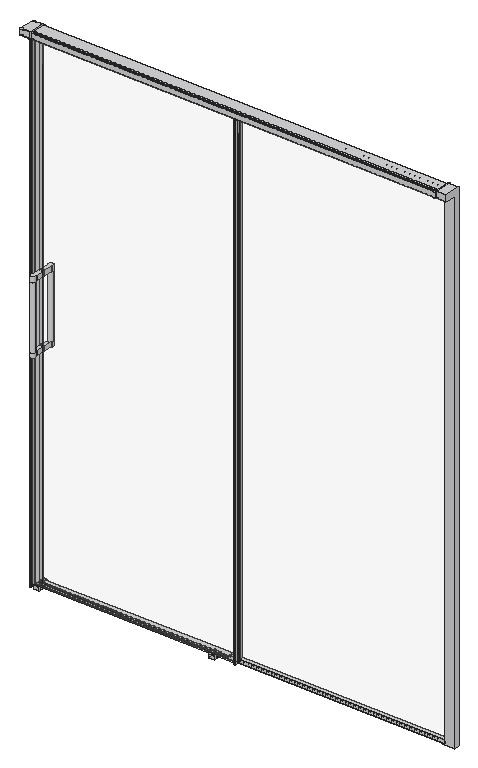
Revit family "Shower-Shower_Door-KOHLER-COMPOSED-1.1922.022_1", category Specialty Equipment, host Face, Revit 2017
Family settings
  Host = Face
  Round Connector Dimension = Use Diameter
  Part Type = Normal
  OmniClass Number = 23.31.17.17
  OmniClass Title = Shower Enclosures
  Cut with Voids When Loaded = No
  Shared = No
  Room Calculation Point = No
Parameters (values of type "Polished Chrome")
  Width [instance] = 66.92913"
  WaterSense Certified = 1 = 0  # no
  URL = "https://www.kohler.co.uk/"
  Type = 1
  Product Page URL = ""
  Product Name = "COMPOSED"  # constant formula
  Product Documentation Link = ""
  Model = "1.1922.022"  # constant formula
  Material = "Premium Metal Construction"  # constant formula
  Master Format 2014 Name = "Shower Doors"  # constant formula
  Master Format 2014 = "10 28 19.16"  # constant formula
  Manufacturer Address = "Cromwell Road, Cheltenham, Gloucestershire. GL52 5EP Registered in England No. 252115"  # constant formula
  Manufacturer = "KOHLER Co."  # constant formula
  Length = 4 85/256"  # constant formula
  Height = 78 105/128"  # constant formula
  Head Clearance = 77 51/64"  # constant formula
  Finish = Kohler-Metal-CP-Polished_Chrome
  Environmental Product Declaration = ""
  Description = "COMPOSED SLIDING DOOR INLINE 1700"  # constant formula
  Default Elevation = 4"
  Declare Label = ""
  Date Modified = "10/22/2021"  # constant formula
  Date Created = "10/22/2021"  # constant formula
  Copyright = "Copyright KOHLER Co."  # constant formula
  Contact Us = "https://www.kohler.co.uk/support/contact/"
  Assembly Code = "C1030200"
  ADA Compliant = 1 = 0  # no
Reference planes (in)
  plane 1 "Center (Front/Back)": y = 0
  plane 2: z = 0
  plane 3 "Center (Left/Right)": x = 0
  plane 4: x = -33.14961
  plane 5: x = 33.77953
  plane 6: x = 32.20472
  plane 7: x = -30.59055
  plane 8: z = 33.77953
  plane 9: z = 45.11811
  plane 10: z = 77.79687
  plane 11: z = 78.74016
  plane 12: z = 78.82031
  plane 13: y = 1.97219
  plane 14: y = 1.25984
  plane 15: y = -1.25984
  plane 16: y = -2.35984
Dimensions and locks (in)
  plane 4 to plane 7 = 2.55906"
  locked: plane 3 "Center (Left/Right)" to plane 4 at 33.14961
  plane 9 to plane 8 to plane 2 = 11.33858" locked, 33.77953" locked
  "Head Clearance": plane 10 to plane 2
  locked: plane 11 to plane 2 at 78.74016
  "Height": plane 12 to plane 2
  locked: plane 5 to plane 6 at 1.5748
  "Width": plane 4 to plane 5
  locked: plane 15 to plane 14 at 2.51969
  "Length": plane 13 to plane 16
  aligned and locked: plane 2 to host face
  aligned and locked: level to host face
  aligned and locked: plane 1 "Center (Front/Back)" to nested 1
  aligned and locked: plane 3 "Center (Left/Right)" to nested 1
Automatic sketch dimensions
  host sketch curve to host sketch curve = 96"  (x2)
Nested families (in)
  nested 1: "1.1922.022" at (-2.83465, 0, 0), type "1.1922.022"
    with Width 66.92913"
Definition of nested family "1.1922.022"
  Parameters (values of type "1.1922.022")
    Width = 62.99213"
    Material = none
  Reference planes (in)
    plane 1 "Center (Front/Back)": y = 0
    plane 2: z = 0
    plane 3 "Center (Left/Right)": x = 0
    plane 4: y = 1.25984
    plane 5: y = -1.25984
    plane 6: x = 32.67717
    plane 7: x = 2.83465
    plane 8: y = 1.97219
    plane 9: y = -2.35852
    plane 10: y = -0.35064
    plane 11: y = -0.03568
    plane 12: z = 78.74016
    plane 13: z = 77.79528
    plane 14: z = 45.11811
    plane 15: z = 33.77953
    plane 16: x = 31.10236
    plane 17: z = 78.8189
    plane 18: x = -30.31496
    plane 19: x = -27.75591
  Forms (in)
    Extrusion 1, solid, material <- "Material", detail levels medium+fine
      sketch origin (0, 0, 0) x (0, 1, 0) y (0, 0, 1)
        loop
          arc (-1.22047, 78.8189) -> (-1.24831, 78.80737) -> (-1.25984, 78.77953) r 0.03937
          line (-1.25984, 78.77953) -> (-1.25984, 77.83465)
          arc (-1.25984, 77.83465) -> (-1.24831, 77.80681) -> (-1.22047, 77.79528) r 0.03937
          line (-1.22047, 77.79528) -> (0.53525, 77.79528) -> (0.53525, 0) -> (1.25984, 0) -> (1.25984, 78.77953)
          arc (1.25984, 78.77953) -> (1.24831, 78.80737) -> (1.22047, 78.8189) r 0.03937
          line (1.22047, 78.8189) -> (-1.22047, 78.8189)
      from 31.10236 to 32.67717
    Extrusion 2, solid, material <- "Material", detail levels medium+fine
      sketch origin (1.42856, 0, 0) x (0, 0, 1) y (0, -1, 0)
        loop
          arc (77.83465, 1.25984) -> (77.80681, 1.24831) -> (77.79528, 1.22047) r 0.03937
          line (77.79528, 1.22047) -> (77.79528, -1.22047)
          arc (77.79528, -1.22047) -> (77.80681, -1.24831) -> (77.83465, -1.25984) r 0.03937
          line (77.83465, -1.25984) -> (78.77953, -1.25984)
          arc (78.77953, -1.25984) -> (78.80737, -1.24831) -> (78.8189, -1.22047) r 0.03937
          line (78.8189, -1.22047) -> (78.8189, 1.22047)
          arc (78.8189, 1.22047) -> (78.80737, 1.24831) -> (78.77953, 1.25984) r 0.03937
          line (78.77953, 1.25984) -> (77.83465, 1.25984)
      from -31.74352 to -30.16871
    Extrusion 3, solid, material <- "Material", detail levels medium+fine
      sketch origin (0, 0, 0) x (1, 0, 0) y (0, 1, 0)
        loop
          arc (-30.27559, 0.63846) -> (-30.28116, 0.62428) -> (-30.29488, 0.61767) r 0.02085
          arc (-30.29488, 0.61767) -> (-30.30917, 0.61079) -> (-30.31496, 0.59602) r 0.02171
          line (-30.31496, 0.59602) -> (-30.31496, 0.56349)
          arc (-30.31496, 0.56349) -> (-30.30891, 0.54839) -> (-30.29411, 0.54164) r 0.02187
          arc (-30.29411, 0.54164) -> (-29.89133, 0.52763) -> (-29.48833, 0.52321) r 16.93887
          line (-29.48833, 0.52321) -> (-29.48833, -0.35909)
          arc (-29.48833, -0.35909) -> (-29.47484, -0.38898) -> (-29.4435, -0.39862) r 0.03984
          line (-29.4435, -0.39862) -> (-29.25176, -0.37439)
          arc (-29.25176, -0.37439) -> (-29.22787, -0.3436) -> (-29.25866, -0.31971) r 0.02756
          line (-29.25866, -0.31971) -> (-29.42202, -0.34035)
          arc (-29.42202, -0.34035) -> (-29.44085, -0.33455) -> (-29.44896, -0.3166) r 0.02394
          line (-29.44896, -0.3166) -> (-29.44896, -0.04168)
          arc (-29.44896, -0.04168) -> (-29.44091, -0.02392) -> (-29.42224, -0.01826) r 0.02362
          line (-29.42224, -0.01826) -> (-29.25968, -0.03979)
          arc (-29.25968, -0.03979) -> (-29.22874, -0.01609) -> (-29.25244, 0.01485) r 0.02756
          line (-29.25244, 0.01485) -> (-29.45683, 0.04191) -> (-29.45683, 0.52327)
          arc (-29.45683, 0.52327) -> (-29.09357, 0.52817) -> (-28.73049, 0.54087) r 16.93887
          arc (-28.73049, 0.54087) -> (-28.70382, 0.553) -> (-28.69291, 0.5802) r 0.03937
          line (-28.69291, 0.5802) -> (-28.69291, 1.2026)
          arc (-28.69291, 1.2026) -> (-28.70382, 1.22979) -> (-28.73049, 1.24193) r 0.03937
          arc (-28.73049, 1.24193) -> (-29.51231, 1.25959) -> (-30.29411, 1.24116) r 16.93887
          arc (-30.29411, 1.24116) -> (-30.30891, 1.23441) -> (-30.31496, 1.21931) r 0.02187
          line (-30.31496, 1.21931) -> (-30.31496, 1.18677)
          arc (-30.31496, 1.18677) -> (-30.30917, 1.17201) -> (-30.29488, 1.16513) r 0.02171
          arc (-30.29488, 1.16513) -> (-30.28116, 1.15852) -> (-30.27559, 1.14434) r 0.02085
          line (-30.27559, 1.14434) -> (-30.27559, 0.63846)
      from 0 to 77.79528
    Extrusion 4, solid, material <- "Material", detail levels medium+fine
      sketch origin (0, 0, 0) x (0, 1, 0) y (0, 0, 1)
        loop
          line (-0.55151, 0) -> (0.53525, 0) -> (0.53525, 0.57577)
          arc (0.53525, 0.57577) -> (0.52746, 0.59457) -> (0.50866, 0.60236) r 0.02659
          line (0.50866, 0.60236) -> (0.08257, 0.60236)
          arc (0.08257, 0.60236) -> (0.06571, 0.59538) -> (0.05873, 0.57852) r 0.02384
          line (0.05873, 0.57852) -> (0.05873, 0.54471)
          arc (0.05873, 0.54471) -> (0.0649, 0.5298) -> (0.07982, 0.52362) r 0.02109
          line (0.07982, 0.52362) -> (0.42064, 0.52362)
          arc (0.42064, 0.52362) -> (0.43616, 0.51719) -> (0.44259, 0.50168) r 0.02195
          line (0.44259, 0.50168) -> (0.44259, 0.05924)
          arc (0.44259, 0.05924) -> (0.43129, 0.03197) -> (0.40401, 0.02067) r 0.03858
          line (0.40401, 0.02067) -> (-0.4269, 0.02067)
          arc (-0.4269, 0.02067) -> (-0.44541, 0.02834) -> (-0.45308, 0.04685) r 0.02618
          line (-0.45308, 0.04685) -> (-0.45308, 0.58105)
          arc (-0.45308, 0.58105) -> (-0.45933, 0.59612) -> (-0.4744, 0.60236) r 0.02131
          line (-0.4744, 0.60236) -> (-0.52844, 0.60236)
          arc (-0.52844, 0.60236) -> (-0.54475, 0.59561) -> (-0.55151, 0.5793) r 0.02307
          line (-0.55151, 0.5793) -> (-0.55151, 0)
      from -28.69291 to -27.90551
    Extrusion 5, solid, material <- "Material", detail levels medium+fine
      sketch origin (0, 0, 0) x (0, 1, 0) y (0, 0, 1)
        loop
          line (1.16693, 0.02339) -> (1.16693, 0.58165)
          arc (1.16693, 0.58165) -> (1.16086, 0.5963) -> (1.14622, 0.60236) r 0.02071
          line (1.14622, 0.60236) -> (0.61574, 0.60236) -> (0.61574, 0.02343)
          arc (0.61574, 0.02343) -> (0.63937, -0.00019) -> (0.66299, 0.02343) r 0.02362
          line (0.66299, 0.02343) -> (0.66299, 0.05786)
          arc (0.66299, 0.05786) -> (0.6691, 0.07262) -> (0.68387, 0.07874) r 0.02088
          line (0.68387, 0.07874) -> (1.09896, 0.07874)
          arc (1.09896, 0.07874) -> (1.11361, 0.07267) -> (1.11968, 0.05802) r 0.02072
          line (1.11968, 0.05802) -> (1.11968, 0.02339)
          arc (1.11968, 0.02339) -> (1.1433, -0.00023) -> (1.16693, 0.02339) r 0.02362
      from -28.37795 to 31.10236
    Extrusion 6, solid, material <- "Material", detail levels medium+fine
      sketch origin (0, 0, 0) x (0, 1, 0) y (0, 0, 1)
        loop
          line (1.16693, 0.62377) -> (1.16693, 0.66823)
          arc (1.16693, 0.66823) -> (1.16112, 0.68202) -> (1.1472, 0.6875) r 0.01927
          line (1.1472, 0.6875) -> (0.41322, 0.67006) -> (0.09963, 0.66121)
          arc (0.09963, 0.66121) -> (0.08592, 0.64689) -> (0.10005, 0.63298) r 0.01411
          line (0.10005, 0.63298) -> (0.57051, 0.63386) -> (0.60201, 0.60236) -> (1.14551, 0.60236)
          arc (1.14551, 0.60236) -> (1.16065, 0.60863) -> (1.16693, 0.62377) r 0.02141
      from -28.37795 to 1.13761
    Extrusion 7, solid, material <- "Material", detail levels medium+fine
      sketch origin (0, 0, 0) x (0, 1, 0) y (0, 0, 1)
        loop
          line (-0.59786, 0) -> (0.61574, 0) -> (0.61574, 0.6752) -> (0.04143, 0.6752)
          arc (0.04143, 0.6752) -> (0.01359, 0.66367) -> (0.00206, 0.63583) r 0.03937
          line (0.00206, 0.63583) -> (0.00206, 0.1378)
          arc (0.00206, 0.1378) -> (-0.00947, 0.10996) -> (-0.03731, 0.09843) r 0.03937
          line (-0.03731, 0.09843) -> (-0.35227, 0.09843)
          arc (-0.35227, 0.09843) -> (-0.38011, 0.10996) -> (-0.39164, 0.1378) r 0.03937
          line (-0.39164, 0.1378) -> (-0.39164, 0.63583)
          arc (-0.39164, 0.63583) -> (-0.40317, 0.66367) -> (-0.43101, 0.6752) r 0.03937
          line (-0.43101, 0.6752) -> (-0.55849, 0.6752)
          arc (-0.55849, 0.6752) -> (-0.58633, 0.66367) -> (-0.59786, 0.63583) r 0.03937
          line (-0.59786, 0.63583) -> (-0.59786, 0)
      from -1.12015 to -0.25565
    Extrusion 8, solid, material <- "Material", detail levels medium+fine
      sketch origin (0, 0, 0) x (1, 0, 0) y (0, 1, 0)
        loop
          arc (2.79513, -0.34282) -> (2.78821, -0.35812) -> (2.77215, -0.363) r 0.02035
          line (2.77215, -0.363) -> (2.67743, -0.35064)
          arc (2.67743, -0.35064) -> (2.66615, -0.34036) -> (2.65173, -0.33538) r 0.03783
          line (2.65173, -0.33538) -> (2.6205, -0.3313)
          arc (2.6205, -0.3313) -> (2.58961, -0.35506) -> (2.61337, -0.38596) r 0.02756
          line (2.61337, -0.38596) -> (2.77372, -0.40688)
          arc (2.77372, -0.40688) -> (2.81894, -0.39312) -> (2.83844, -0.35006) r 0.0573
          line (2.83844, -0.35006) -> (2.83844, 0.18323)
          arc (2.83844, 0.18323) -> (2.81573, 0.32364) -> (2.74992, 0.44974) r 0.44544
          arc (2.74992, 0.44974) -> (2.70733, 0.4854) -> (2.65328, 0.49819) r 0.12061
          line (2.65328, 0.49819) -> (2.58229, 0.49819)
          arc (2.58229, 0.49819) -> (2.55866, 0.47457) -> (2.58229, 0.45094) r 0.02362
          line (2.58229, 0.45094) -> (2.65291, 0.45094)
          arc (2.65291, 0.45094) -> (2.68139, 0.44454) -> (2.70438, 0.42655) r 0.06648
          arc (2.70438, 0.42655) -> (2.76884, 0.3124) -> (2.7912, 0.18323) r 0.38438
          line (2.7912, 0.18323) -> (2.7912, 0.02575) -> (2.61213, 0.0058)
          arc (2.61213, 0.0058) -> (2.58774, -0.02501) -> (2.61877, -0.04911) r 0.02765
          line (2.61877, -0.04911) -> (2.65, -0.04503)
          arc (2.65, -0.04503) -> (2.66516, -0.03996) -> (2.6773, -0.02956) r 0.04168
          line (2.6773, -0.02956) -> (2.77094, -0.01734)
          arc (2.77094, -0.01734) -> (2.78784, -0.02248) -> (2.79513, -0.03858) r 0.02142
          line (2.79513, -0.03858) -> (2.79513, -0.34282)
        loop
          arc (2.36202, 1.13142) -> (2.36895, 1.14671) -> (2.38501, 1.1516) r 0.02035
          line (2.38501, 1.1516) -> (2.47973, 1.13924)
          arc (2.47973, 1.13924) -> (2.49101, 1.12896) -> (2.50543, 1.12398) r 0.03783
          line (2.50543, 1.12398) -> (2.53666, 1.1199)
          arc (2.53666, 1.1199) -> (2.56755, 1.14366) -> (2.54379, 1.17455) r 0.02756
          line (2.54379, 1.17455) -> (2.38344, 1.19548)
          arc (2.38344, 1.19548) -> (2.33821, 1.18172) -> (2.31872, 1.13866) r 0.0573
          line (2.31872, 1.13866) -> (2.31872, 0.60537)
          arc (2.31872, 0.60537) -> (2.34143, 0.46496) -> (2.40724, 0.33886) r 0.44544
          arc (2.40724, 0.33886) -> (2.44983, 0.3032) -> (2.50388, 0.29041) r 0.12061
          line (2.50388, 0.29041) -> (2.57487, 0.29041)
          arc (2.57487, 0.29041) -> (2.59849, 0.31403) -> (2.57487, 0.33765) r 0.02362
          line (2.57487, 0.33765) -> (2.50424, 0.33765)
          arc (2.50424, 0.33765) -> (2.47576, 0.34406) -> (2.45277, 0.36205) r 0.06648
          arc (2.45277, 0.36205) -> (2.38831, 0.4762) -> (2.36596, 0.60537) r 0.38438
          line (2.36596, 0.60537) -> (2.36596, 0.76285) -> (2.54503, 0.7828)
          arc (2.54503, 0.7828) -> (2.56942, 0.8136) -> (2.53839, 0.83771) r 0.02765
          line (2.53839, 0.83771) -> (2.50716, 0.83363)
          arc (2.50716, 0.83363) -> (2.492, 0.82856) -> (2.47986, 0.81815) r 0.04168
          line (2.47986, 0.81815) -> (2.38622, 0.80593)
          arc (2.38622, 0.80593) -> (2.36931, 0.81108) -> (2.36202, 0.82718) r 0.02142
          line (2.36202, 0.82718) -> (2.36202, 1.13142)
      from 0.36643 to 77.79528
    Extrusion 9, solid, material <- "Material", detail levels medium+fine
      sketch origin (0, 0, 0) x (0, 1, 0) y (0, 0, 1)
        loop
          arc (-1.1649, 77.8382) -> (-1.15233, 77.80785) -> (-1.12198, 77.79528) r 0.04292
          line (-1.12198, 77.79528) -> (-0.48364, 77.79528)
          arc (-0.48364, 77.79528) -> (-0.45804, 77.82087) -> (-0.48364, 77.84647) r 0.0256
          line (-0.48364, 77.84647) -> (-1.08616, 77.84647) -> (-1.08616, 78.55868) -> (-0.74681, 78.55868) -> (-0.63621, 78.6693) -> (0.25573, 78.6693) -> (0.25573, 77.84646) -> (0.10897, 77.84646)
          arc (0.10897, 77.84646) -> (0.08338, 77.82087) -> (0.10897, 77.79528) r 0.02559
          line (0.10897, 77.79528) -> (1.13549, 77.79528)
          arc (1.13549, 77.79528) -> (1.16333, 77.80681) -> (1.17486, 77.83465) r 0.03937
          line (1.17486, 77.83465) -> (1.17486, 78.7008)
          arc (1.17486, 78.7008) -> (1.16333, 78.72864) -> (1.13549, 78.74017) r 0.03937
          line (1.13549, 78.74017) -> (-0.66557, 78.74017) -> (-0.77617, 78.62955) -> (-1.01238, 78.62955) -> (-1.11296, 78.73011)
          arc (-1.11296, 78.73011) -> (-1.14612, 78.73671) -> (-1.1649, 78.7086) r 0.03043
          line (-1.1649, 78.7086) -> (-1.1649, 77.8382)
      from -28.74016 to 31.10236
    Extrusion 10, solid, detail levels medium+fine
      sketch origin (0, 0, 0) x (1, 0, 0) y (0, 1, 0)
        loop
          line (-29.44896, -0.07505) -> (-29.44896, -0.31127) -> (-29.40959, -0.35064) -> (2.75576, -0.35064) -> (2.79513, -0.31127) -> (2.79513, -0.07505) -> (2.75576, -0.03568) -> (-29.40959, -0.03568) -> (-29.44896, -0.07505)
        loop
          line (31.69273, 0.80669) -> (31.69273, 1.04291) -> (31.65336, 1.08228) -> (2.40139, 1.08228) -> (2.36202, 1.04291) -> (2.36202, 0.80669) -> (2.40139, 0.76732) -> (31.65336, 0.76732) -> (31.69273, 0.80669)
      from 0.36643 to 78.24803
    Extrusion 11, solid, material <- "Material"
      sketch origin (-9.52847, 0, 0) x (1, 0, 0) y (0, 1, 0)
        loop
          line (-17.93321, -0.39001) -> (-18.04861, -0.39001) -> (-18.04861, 0.00369) -> (-17.93321, 0.00369) -> (-17.93321, 1.25102)
          arc (-17.93321, 1.25102) -> (-17.92474, 1.30814) -> (-17.90005, 1.36036) r 0.19685
          arc (-17.90005, 1.36036) -> (-18.22616, 1.97274) -> (-18.55622, 1.36248) r 0.3937
          arc (-18.55622, 1.36248) -> (-18.53205, 1.31071) -> (-18.52376, 1.25419) r 0.19685
          line (-18.52376, 1.25419) -> (-18.52376, 0.00369) -> (-18.40392, 0.00369) -> (-18.40392, -0.39001) -> (-18.52376, -0.39001) -> (-18.52376, -1.64052)
          arc (-18.52376, -1.64052) -> (-18.53205, -1.69704) -> (-18.55622, -1.7488) r 0.19685
          arc (-18.55622, -1.7488) -> (-18.22616, -2.35906) -> (-17.90005, -1.74668) r 0.3937
          arc (-17.90005, -1.74668) -> (-17.92474, -1.69447) -> (-17.93321, -1.63734) r 0.19685
          line (-17.93321, -1.63734) -> (-17.93321, -0.39001)
      from 44.40186 to 45.11811
    Extrusion 12, solid, material <- "Material"
      sketch origin (-9.52847, 0, 0) x (1, 0, 0) y (0, 1, 0)
        loop
          line (-17.93321, -0.39001) -> (-18.04861, -0.39001) -> (-18.04861, 0.00369) -> (-17.93321, 0.00369) -> (-17.93321, 1.25102)
          arc (-17.93321, 1.25102) -> (-17.92474, 1.30814) -> (-17.90005, 1.36036) r 0.19685
          arc (-17.90005, 1.36036) -> (-18.22616, 1.97274) -> (-18.55622, 1.36248) r 0.3937
          arc (-18.55622, 1.36248) -> (-18.53205, 1.31071) -> (-18.52376, 1.25419) r 0.19685
          line (-18.52376, 1.25419) -> (-18.52376, 0.00369) -> (-18.40392, 0.00369) -> (-18.40392, -0.39001) -> (-18.52376, -0.39001) -> (-18.52376, -1.64052)
          arc (-18.52376, -1.64052) -> (-18.53205, -1.69704) -> (-18.55622, -1.7488) r 0.19685
          arc (-18.55622, -1.7488) -> (-18.22616, -2.35906) -> (-17.90005, -1.74668) r 0.3937
          arc (-17.90005, -1.74668) -> (-17.92474, -1.69447) -> (-17.93321, -1.63734) r 0.19685
          line (-17.93321, -1.63734) -> (-17.93321, -0.39001)
      from 33.77953 to 34.4806
    Extrusion 13, solid, material <- "Material"
      sketch origin (-9.52847, 0, 0) x (1, 0, 0) y (0, 1, 0)
        loop
          circle (-18.22743, 1.57904) r 0.3937
        loop
          circle (-18.22743, -1.96536) r 0.3937
      from 34.4806 to 44.40186
    Extrusion 14, solid, material <- "Material", detail levels medium+fine
      sketch origin (0, -4.7515, 0) x (0, 1, 0) y (0, 0, 1)
        loop
          line (5.97103, 0.78803) -> (5.31384, 0.77242)
          arc (5.31384, 0.77242) -> (5.28661, 0.76057) -> (5.2754, 0.73306) r 0.03937
          line (5.2754, 0.73306) -> (5.2754, 0) -> (5.33234, 0) -> (5.33234, 0.68659) -> (5.91108, 0.70034) -> (5.91108, 0) -> (6.01134, 0) -> (6.01134, 0.74867)
          arc (6.01134, 0.74867) -> (5.99947, 0.77684) -> (5.97103, 0.78803) r 0.03937
      from -28.69291 to -28.37795
    Extrusion 15, solid, material <- "Material", detail levels coarse
      sketch origin (0, 0, 0) x (1, 0, 0) y (0, 0, 1)
        loop
          line (-28.69291, 77.79528) -> (-28.69291, 0.67403) -> (2.31872, 0.67403) -> (2.31872, 77.79528) -> (-28.69291, 77.79528)
        loop
          line (32.67717, 78.8189) -> (-30.31496, 78.8189) -> (-30.31496, 0) -> (32.67717, 0) -> (32.67717, 78.8189)
        loop
          line (2.83844, 77.79528) -> (2.83844, 0.67403) -> (31.10236, 0.67403) -> (31.10236, 77.79528) -> (2.83844, 77.79528)
      from -1.25984 to 1.25984
    Extrusion 16, solid, detail levels coarse
      sketch origin (0, 0, 0) x (1, 0, 0) y (0, 0, 1)
        loop
          line (-28.69291, 77.79528) -> (-28.69291, 0.67403) -> (2.31872, 0.67403) -> (2.31872, 77.79528) -> (-28.69291, 77.79528)
      from 0.03568 to 0.35064
    Extrusion 17, solid, detail levels coarse
      sketch origin (0, 0, 0) x (1, 0, 0) y (0, 0, 1)
        loop
          line (2.83844, 77.79528) -> (2.83844, 0.67403) -> (31.10236, 0.67403) -> (31.10236, 77.79528) -> (2.83844, 77.79528)
      from -1.08228 to -0.76732
  Cuts and joins
    joined: Extrusion 3, Extrusion 6, Extrusion 9
    joined: Extrusion 1, Extrusion 2
    joined: Extrusion 4, Extrusion 7, Extrusion 8
    joined: Extrusion 11, Extrusion 12, Extrusion 13
    joined: Extrusion 5, Extrusion 14
    joined: Extrusion 16, Extrusion 17
  Lines and regions (in)
    Masking region 1
      outline origin (0, 0, 0) x (1, 0, 0) y (0, 1, 0)
        loop
          line (-30.31496, 1.25984) -> (-30.31496, -1.25984) -> (-28.74016, -1.25984) -> (-28.74016, -1.1649) -> (-28.05224, -1.1649) -> (-28.05224, -1.64052)
          arc (-28.05224, -1.64052) -> (-28.06052, -1.69704) -> (-28.08469, -1.7488) r 0.19685
          arc (-28.08469, -1.7488) -> (-27.75463, -2.35906) -> (-27.42852, -1.74668) r 0.3937
          arc (-27.42852, -1.74668) -> (-27.45321, -1.69447) -> (-27.46168, -1.63734) r 0.19685
          line (-27.46168, -1.63734) -> (-27.46168, -1.1649) -> (-21.87022, -1.1649) -> (31.10236, -1.1649) -> (31.10236, -1.25984) -> (32.67717, -1.25984) -> (32.67717, 1.25984) -> (31.10236, 1.25984) -> (31.10236, 1.17486) -> (-21.87022, 1.17486) -> (-27.46168, 1.17486) -> (-27.46168, 1.25102)
          arc (-27.46168, 1.25102) -> (-27.45321, 1.30814) -> (-27.42852, 1.36036) r 0.19685
          arc (-27.42852, 1.36036) -> (-27.75463, 1.97274) -> (-28.08469, 1.36248) r 0.3937
          arc (-28.08469, 1.36248) -> (-28.06052, 1.31071) -> (-28.05224, 1.25419) r 0.19685
          line (-28.05224, 1.25419) -> (-28.05224, 1.17486) -> (-28.74016, 1.17486) -> (-28.74016, 1.25984) -> (-30.31496, 1.25984)
    Masking region 2
      outline origin (0, 0, 0) x (1, 0, 0) y (0, 0, 1)
        loop
          line (-30.31496, 78.8189) -> (-30.31496, 0) -> (32.67717, 0) -> (32.67717, 78.8189) -> (31.10236, 78.8189) -> (31.10236, 78.74016) -> (-28.74016, 78.74016) -> (-28.74016, 78.8189) -> (-30.31496, 78.8189)
    Masking region 3
      outline origin (1.42856, 0, 0) x (0, 0, 1) y (0, -1, 0)
        loop
          arc (77.83465, 1.25984) -> (77.80681, 1.24831) -> (77.79528, 1.22047) r 0.03937
          line (77.79528, 1.22047) -> (77.79528, 0.40688) -> (45.11811, 0.40688) -> (45.11811, 2.35852) -> (33.77953, 2.35852) -> (33.77953, 0.40688) -> (0.6752, 0.40688) -> (0.6752, 0.55849)
          arc (0.6752, 0.55849) -> (0.66367, 0.58633) -> (0.63583, 0.59786) r 0.03937
          line (0.63583, 0.59786) -> (0, 0.59786) -> (0, -1.25984) -> (33.77953, -1.25984) -> (33.77953, -1.97219) -> (45.11811, -1.97219) -> (45.11811, -1.25984) -> (78.77953, -1.25984)
          arc (78.77953, -1.25984) -> (78.80737, -1.24831) -> (78.8189, -1.22047) r 0.03937
          line (78.8189, -1.22047) -> (78.8189, 1.22047)
          arc (78.8189, 1.22047) -> (78.80737, 1.24831) -> (78.77953, 1.25984) r 0.03937
          line (78.77953, 1.25984) -> (77.83465, 1.25984)
        loop
          line (44.40186, 1.57111) -> (34.4806, 1.57111) -> (34.4806, 0.40688) -> (44.40186, 0.40688) -> (44.40186, 1.57111)
    symbolic lines, detail levels medium+fine
      curve 1: line (-28.74016, 1.25984, 0) -> (-28.74016, -1.1649, 0)
      curve 2: line (-19.76379, 1.17486, 0) -> (-20.07874, 1.17486, 0)
      curve 3: line (-17.93321, 1.17486, 0) -> (-18.52376, 1.17486, 0)
      curve 4: line (-18.52376, -1.1649, 0) -> (-17.93321, -1.1649, 0)
      curve 5: line (-28.74016, -0.66557, 0) -> (31.10236, -0.66557, 0)
      curve 6: line (-28.74016, -0.77617, 0) -> (31.10236, -0.77617, 0)
      curve 7: line (-28.74016, -1.01238, 0) -> (31.10236, -1.01238, 0)
      curve 8: line (31.10236, 1.17486, 0) -> (31.10236, -1.1649, 0)
      curve 9: circle (29.52718, 0.9058, 0) r 0.15748 normal (0, 0, 1)
      curve 10: circle (-12.02435, 0.41322, 0) r 0.23622 normal (0, 0, 1)
      curve 11: line (-29.48833, 0, 77.79528) -> (-29.48833, 0, 0.73509)
      curve 12: line (-29.22765, 0, 77.60847) -> (-29.22765, 0, 0.73509)
      curve 13: line (-29.22765, 0, 77.60847) -> (-29.48833, 0, 77.60847)
      curve 14: line (-29.22765, 0, 0.73509) -> (-29.48833, 0, 0.73509)
      curve 15: line (-28.42521, 0, 0.01004) -> (-28.42521, 0, 0.61241)
      curve 16: line (2.83844, 0, 0.36643) -> (-0.25565, 0, 0.36643)
      curve 17: line (-29.44896, 0, 0.37647) -> (-29.44896, 0, 0.73509)
      curve 18: line (-29.22765, 0, 0.61241) -> (-28.42521, 0, 0.61241)
      curve 19: line (-29.22765, 0, 0.37647) -> (-29.44896, 0, 0.37647)
      curve 20: line (-1.12015, 0, 0.6752) -> (-1.12015, 0, 0)
      curve 21: line (-0.25565, 0, 0) -> (-0.25565, 0, 0.6752)
      curve 22: line (-1.12015, 0, 0.6752) -> (-0.25565, 0, 0.6752)
      curve 23: line (-1.12015, 0, 0.36643) -> (-28.42521, 0, 0.36643)
      curve 24: line (2.58229, 0, 0.36643) -> (2.58229, 0, 77.79528)
      curve 25: line (2.83844, 0, 0.36643) -> (2.83844, 0, 77.79528)
      curve 26: line (31.10236, 0, 0.60236) -> (2.83844, 0, 0.60236)
      curve 27: line (31.10236, 0, 78.74016) -> (31.10236, 0, 0)
      curve 28: line (-28.74016, 0, 77.79528) -> (31.10236, 0, 77.79528)
      curve 29: line (31.10236, 0, 77.70375) -> (32.67717, 0, 77.70375)
      curve 30: line (-30.31496, 0, 77.79528) -> (-28.74016, 0, 77.79528)
      curve 31: line (-28.74016, 0, 78.7502) -> (-28.74016, 0, 77.79528)
      curve 32: line (-28.14961, 0, 45.11811) -> (-27.3622, 0, 45.11811)
      curve 33: line (-28.14961, 0, 33.77953) -> (-28.14961, 0, 45.11811)
      curve 34: line (-27.3622, 0, 33.77953) -> (-28.14961, 0, 33.77953)
      curve 35: line (-27.3622, 0, 45.11811) -> (-27.3622, 0, 33.77953)
      curve 36: line (1.42856, 1.25984, 77.79528) -> (1.42856, -0.39893, 77.79528)
      curve 37: line (1.42856, 0.53525, 77.79528) -> (1.42856, 0.53525, 0)
      curve 38: line (1.42856, 1.16385, 0) -> (1.42856, 1.16385, 77.79528)
      curve 39: line (1.42856, 0.62487, 0) -> (1.42856, 0.62487, 77.79528)
      curve 40: line (1.42856, -1.74668, 44.4806) -> (1.42856, -1.74668, 45.11811)
      curve 41: line (1.42856, -1.66794, 44.40186) -> (1.42856, -1.57166, 44.40186)
      curve 42: line (1.42856, 1.36248, 44.47939) -> (1.42856, 1.36248, 45.11811)
      curve 43: line (1.42856, 1.28494, 44.40186) -> (1.42856, 1.25984, 44.40186)
      curve 44: line (1.42856, -0.40688, 44.40186) -> (1.42856, -0.40688, 45.11811)
      curve 45: line (1.42856, 1.25984, 45.11811) -> (1.42856, 1.25984, 33.77953)
      curve 46: arc (1.42856, -1.74668, 44.4806) -> (1.42856, -1.72362, 44.42492) -> (1.42856, -1.66794, 44.40186) r 0.07874
      curve 47: arc (1.42856, 1.36248, 44.47939) -> (1.42856, 1.33977, 44.42457) -> (1.42856, 1.28494, 44.40186) r 0.07753
      curve 48: line (1.42856, -1.74668, 34.41704) -> (1.42856, -1.74668, 33.77953)
      curve 49: line (1.42856, -1.66794, 34.49578) -> (1.42856, -1.57166, 34.49578)
      curve 50: line (1.42856, 1.36248, 34.38804) -> (1.42856, 1.36248, 33.77953)
      curve 51: line (1.42856, -0.40688, 34.49578) -> (1.42856, -0.40688, 33.77953)
      curve 52: arc (1.42856, -1.74668, 34.41704) -> (1.42856, -1.72362, 34.47272) -> (1.42856, -1.66794, 34.49578) r 0.07874
      curve 53: line (1.42856, 1.25984, 34.46678) -> (1.42856, 1.28374, 34.46678)
      curve 54: arc (1.42856, 1.28374, 34.46678) -> (1.42856, 1.33941, 34.44371) -> (1.42856, 1.36248, 34.38804) r 0.07874
      curve 55: line (1.42856, -0.40688, 0.6752) -> (1.42856, 0.53525, 0.6752)
      curve 56: line (1.42856, -0.55151, 0.5793) -> (1.42856, -0.55151, 0)
      curve 57: line (1.42856, -0.40688, 0.09843) -> (1.42856, -0.4269, 0.09843)
      curve 58: arc (1.42856, -0.4269, 0.09843) -> (1.42856, -0.44541, 0.10609) -> (1.42856, -0.45308, 0.12461) r 0.02618
      curve 59: line (1.42856, -0.45308, 0.12461) -> (1.42856, -0.45308, 0.58105)
      curve 60: line (1.42856, -0.4744, 0.60236) -> (1.42856, -0.52844, 0.60236)
      curve 61: arc (1.42856, -0.45308, 0.58105) -> (1.42856, -0.45933, 0.59612) -> (1.42856, -0.4744, 0.60236) r 0.02131
      curve 62: arc (1.42856, -0.52844, 0.60236) -> (1.42856, -0.54475, 0.59561) -> (1.42856, -0.55151, 0.5793) r 0.02307
      curve 63: line (1.42856, 0.08257, 0.60236) -> (1.42856, 0.50866, 0.60236)
      curve 64: arc (1.42856, 0.50866, 0.60236) -> (1.42856, 0.52746, 0.59457) -> (1.42856, 0.53525, 0.57577) r 0.02659
      curve 65: line (1.42856, -0.4269, 0.09843) -> (1.42856, 0.40401, 0.09843)
      curve 66: arc (1.42856, 0.40401, 0.09843) -> (1.42856, 0.43129, 0.10972) -> (1.42856, 0.44259, 0.137) r 0.03858
      curve 67: line (1.42856, 0.44259, 0.137) -> (1.42856, 0.44259, 0.50168)
      curve 68: arc (1.42856, 0.44259, 0.50168) -> (1.42856, 0.43616, 0.51719) -> (1.42856, 0.42064, 0.52362) r 0.02195
      curve 69: line (1.42856, 0.42064, 0.52362) -> (1.42856, 0.07982, 0.52362)
      curve 70: arc (1.42856, 0.07982, 0.52362) -> (1.42856, 0.0649, 0.5298) -> (1.42856, 0.05873, 0.54471) r 0.02109
      curve 71: line (1.42856, 0.05873, 0.54471) -> (1.42856, 0.05873, 0.57852)
      curve 72: arc (1.42856, 0.05873, 0.57852) -> (1.42856, 0.06571, 0.59538) -> (1.42856, 0.08257, 0.60236) r 0.02384
      curve 73: line (1.42856, 0.00206, 0.63583) -> (1.42856, 0.00206, 0.1378)
      curve 74: arc (1.42856, 0.04143, 0.6752) -> (1.42856, 0.01359, 0.66367) -> (1.42856, 0.00206, 0.63583) r 0.03937
      curve 75: line (1.42856, -0.39164, 0.1378) -> (1.42856, -0.39164, 0.63583)
      curve 76: arc (1.42856, -0.35227, 0.09843) -> (1.42856, -0.38011, 0.10996) -> (1.42856, -0.39164, 0.1378) r 0.03937
      curve 77: arc (1.42856, 0.00206, 0.1378) -> (1.42856, -0.00947, 0.10996) -> (1.42856, -0.03731, 0.09843) r 0.03937
      curve 78: arc (1.42856, -0.39164, 0.63583) -> (1.42856, -0.40317, 0.66367) -> (1.42856, -0.43101, 0.6752) r 0.03937
      curve 79: line (-28.05224, 1.17486, 0) -> (-27.46168, 1.17486, 0)
      curve 80: line (-28.05224, -1.1649, 0) -> (-27.46168, -1.1649, 0)
      curve 81: line (-29.22765, 0, 0.61241) -> (-29.22765, 0, 0)
  Dimensions and locks (in)
    plane 5 to plane 4 = 2.51969"
    plane 9 to plane 10 = 2.00787"
    plane 8 to plane 11 = 2.00787"
    plane 12 to level = 78.74016"
    plane 13 to level = 77.79528"
    plane 15 to level = 33.77953"
    plane 14 to plane 15 = 11.33858"
    locked: plane 16 to plane 6 at 1.5748
    locked: Extrusion 10 sketch curve to plane 6 at 0.98443
    plane 7 to plane 18 = 33.14961"
    "Width": plane 6 to plane 18
    locked: plane 7 to plane 3 "Center (Left/Right)" at 2.83465
    locked: cut or joined group of Extrusion 1, Extrusion 2 to Extrusion 15 sketch curve at 1.5748
    plane 19 to plane 18 = 2.55906"
    aligned and locked: level to plane 2
    aligned and locked: Extrusion 1 to plane 6
    aligned and locked: plane 16 to Extrusion 1
    aligned and locked: plane 13 to Extrusion 3
    aligned and locked: plane 13 to Extrusion 8
    aligned and locked: Extrusion 9 to plane 16
    aligned and locked: Extrusion 5 to plane 16
    aligned and locked: plane 14 to Extrusion 11
    aligned and locked: Extrusion 12 to plane 15
    aligned and locked: Masking region 1 sketch curve to plane 4  (x2)
    aligned and locked: plane 5 to Masking region 1 sketch curve  (x2)
    aligned and locked: plane 6 to Masking region 1 sketch curve
    aligned and locked: plane 16 to Masking region 1 sketch curve  (x2)
    aligned and locked: curve 2 to Masking region 1
    aligned and locked: Masking region 1 to curve 3
    aligned and locked: Masking region 1 to curve 4
    aligned and locked: curve 5 to cut or joined group of Extrusion 3, Extrusion 6, Extrusion 9
    aligned and locked: curve 6 to cut or joined group of Extrusion 3, Extrusion 6, Extrusion 9
    aligned and locked: curve 7 to cut or joined group of Extrusion 3, Extrusion 6, Extrusion 9
    aligned and locked: plane 16 to curve 8
    aligned and locked: Masking region 2 sketch curve to plane 12
    aligned and locked: plane 6 to Masking region 2 sketch curve
    aligned and locked: Masking region 2 sketch curve to level
    aligned and locked: curve 20 to cut or joined group of Extrusion 4, Extrusion 7, Extrusion 8
    aligned and locked: curve 21 to cut or joined group of Extrusion 4, Extrusion 7, Extrusion 8
    aligned and locked: curve 26 to cut or joined group of Extrusion 5, Extrusion 14
    aligned and locked: cut or joined group of Extrusion 1, Extrusion 2 to curve 27
    aligned and locked: curve 28 to plane 13
    aligned and locked: curve 37 to cut or joined group of Extrusion 1, Extrusion 2
    aligned and locked: plane 16 to Masking region 2 sketch curve
    aligned and locked: cut or joined group of Extrusion 3, Extrusion 6, Extrusion 9 to cut or joined group of Extrusion 1, Extrusion 2
    aligned and locked: plane 6 to Extrusion 15 sketch curve
    aligned and locked: Extrusion 17 sketch curve to Extrusion 15
    aligned and locked: cut or joined group of Extrusion 1, Extrusion 2 to plane 18
  Automatic sketch dimensions
    Extrusion 4 sketch curve to level = 0"
    plane 10 to Extrusion 4 sketch curve = 0.20087"
    Extrusion 4 sketch curve to Extrusion 4 sketch curve = 0.02307"
    Extrusion 4 sketch curve to Extrusion 4 sketch curve = 0.05405"
    Extrusion 4 sketch curve to Extrusion 4 sketch curve = 0.02131"
    Extrusion 4 sketch curve to Extrusion 4 sketch curve = 0.02618"
    Extrusion 4 sketch curve to plane 1 "Center (Front/Back)" = 0.05873"
    Extrusion 4 sketch curve to Extrusion 4 sketch curve = 0.02109"
    Extrusion 4 sketch curve to Extrusion 4 sketch curve = 0.02384"
    level to Extrusion 4 sketch curve = 0.02067"
    Extrusion 4 sketch curve to plane 1 "Center (Front/Back)" = 0.40401"
    Extrusion 4 sketch curve to Extrusion 4 sketch curve = 0.34082"
    Extrusion 4 sketch curve to Extrusion 4 sketch curve = 0.02195"
    Extrusion 4 sketch curve to Extrusion 4 sketch curve = 0.08802"
    Extrusion 4 sketch curve to Extrusion 4 sketch curve = 0.13124"
    Extrusion 4 sketch curve to Extrusion 4 sketch curve = 0.44243"
    Extrusion 4 sketch curve to Extrusion 4 sketch curve = 0.0741"
    Extrusion 4 sketch curve to Extrusion 4 sketch curve = 0.53245"
    Extrusion 5 sketch curve to plane 1 "Center (Front/Back)" = 0.61574"
    Extrusion 5 sketch curve to Extrusion 5 sketch curve = 0.02362"  (x2)
    Extrusion 5 sketch curve to Extrusion 5 sketch curve = 0.02088"
    level to Extrusion 5 sketch curve = 0.05802"
    Extrusion 5 sketch curve to plane 4 = 0.16088"
    Extrusion 5 sketch curve to Extrusion 5 sketch curve = 0.02072"
    Extrusion 5 sketch curve to Extrusion 5 sketch curve = 0.02071"
    level to Extrusion 5 sketch curve = 3/128"
    level to Extrusion 5 sketch curve = 0.02339"
    Extrusion 5 sketch curve to Extrusion 5 sketch curve = 0.50291"
    Extrusion 6 sketch curve to plane 1 "Center (Front/Back)" = 0.09963"
    Extrusion 6 sketch curve to Extrusion 6 sketch curve = 0.0004"
    Extrusion 6 sketch curve to Extrusion 6 sketch curve = 0.00003"
    Extrusion 6 sketch curve to Extrusion 6 sketch curve = 0.31358"
    Extrusion 6 sketch curve to Extrusion 6 sketch curve = 0.1573"
    Extrusion 6 sketch curve to Extrusion 6 sketch curve = 0.0315"  (x2)
    Extrusion 6 sketch curve to plane 4 = 0.11433"
    Extrusion 6 sketch curve to Extrusion 6 sketch curve = 0.00168"
    Extrusion 6 sketch curve to Extrusion 6 sketch curve = 0.00046"
    Extrusion 6 sketch curve to Extrusion 6 sketch curve = 0.01927"
    level to Extrusion 6 sketch curve = 0.60236"
    Extrusion 6 sketch curve to Extrusion 6 sketch curve = 0.03062"
    Extrusion 6 sketch curve to Extrusion 6 sketch curve = 0.01411"
    Extrusion 6 sketch curve to Extrusion 6 sketch curve = 0.04446"
    Extrusion 6 sketch curve to Extrusion 6 sketch curve = 0.0362"
    Extrusion 7 sketch curve to level = 0"
    plane 10 to Extrusion 7 sketch curve = 0.24722"
    Extrusion 7 sketch curve to Extrusion 7 sketch curve = 0.03937"
    plane 10 to Extrusion 7 sketch curve = 0.08037"
    plane 10 to Extrusion 7 sketch curve = 0.041"
    plane 10 to Extrusion 7 sketch curve = 0.00163"
    plane 11 to Extrusion 7 sketch curve = 0.00163"
    Extrusion 7 sketch curve to plane 1 "Center (Front/Back)" = 0.00206"
    Extrusion 7 sketch curve to plane 1 "Center (Front/Back)" = 0.04143"
    Extrusion 7 sketch curve to Extrusion 7 sketch curve = 0.57431"
    level to Extrusion 7 sketch curve = 0.09843"
    Extrusion 7 sketch curve to Extrusion 7 sketch curve = 0.49803"
    Extrusion 7 sketch curve to Extrusion 7 sketch curve = 0"
    plane 10 to Extrusion 8 sketch curve = 0"
    Extrusion 8 sketch curve to plane 7 = 0.51593"
    Extrusion 8 sketch curve to Extrusion 8 sketch curve = 0.04331"
    Extrusion 8 sketch curve to Extrusion 8 sketch curve = 0.00394"
    Extrusion 8 sketch curve to Extrusion 8 sketch curve = 0.014"
    Extrusion 8 sketch curve to Extrusion 8 sketch curve = 0.00635"  (x2)
    Extrusion 8 sketch curve to plane 4 = 0.06436"
    Extrusion 8 sketch curve to Extrusion 8 sketch curve = 0.00742"
    Extrusion 8 sketch curve to Extrusion 8 sketch curve = 0.02142"
    Extrusion 8 sketch curve to plane 4 = 0.10824"
    Extrusion 8 sketch curve to Extrusion 8 sketch curve = 0.00899"
    Extrusion 8 sketch curve to Extrusion 8 sketch curve = 0.00277"  (x2)
    Extrusion 8 sketch curve to plane 1 "Center (Front/Back)" = 0.18323"
    Extrusion 8 sketch curve to Extrusion 8 sketch curve = 0.02704"
    Extrusion 8 sketch curve to Extrusion 8 sketch curve = 0.01382"  (x2)
    Extrusion 8 sketch curve to plane 4 = 0.1206"
    Extrusion 8 sketch curve to Extrusion 8 sketch curve = 0.09472"
    Extrusion 8 sketch curve to Extrusion 8 sketch curve = 0.09364"
    Extrusion 8 sketch curve to Extrusion 8 sketch curve = 0.09706"
    Extrusion 8 sketch curve to Extrusion 8 sketch curve = 0.00036"  (x2)
    Extrusion 8 sketch curve to plane 4 = 0.13587"
    Extrusion 8 sketch curve to Extrusion 8 sketch curve = 0.0257"  (x2)
    Extrusion 8 sketch curve to Extrusion 8 sketch curve = 0.0273"
    Extrusion 8 sketch curve to Extrusion 8 sketch curve = 0.03059"
    Extrusion 8 sketch curve to Extrusion 8 sketch curve = 0.00539"
    Extrusion 8 sketch curve to plane 4 = 0.13994"
    Extrusion 8 sketch curve to Extrusion 8 sketch curve = 1/32"  (x4)
    Extrusion 8 sketch curve to Extrusion 8 sketch curve = 0.00357"  (x3)
    Extrusion 8 sketch curve to Extrusion 8 sketch curve = 0.00358"  (x2)
    Extrusion 8 sketch curve to plane 4 = 0.08529"
    Extrusion 8 sketch curve to Extrusion 8 sketch curve = 0.00306"  (x2)
    Extrusion 8 sketch curve to Extrusion 8 sketch curve = 0.07099"
    Extrusion 8 sketch curve to Extrusion 8 sketch curve = 0.07841"
    Extrusion 8 sketch curve to plane 1 "Center (Front/Back)" = 0.0058"
    Extrusion 8 sketch curve to plane 7 = 0.22252"
    plane 10 to Extrusion 8 sketch curve = 0.03531"
    Extrusion 8 sketch curve to plane 7 = 0.22128"
    plane 10 to Extrusion 8 sketch curve = 0.00799"
    plane 11 to Extrusion 8 sketch curve = 0.01343"
    Extrusion 8 sketch curve to plane 10 = 0.01934"
    plane 1 "Center (Front/Back)" to Extrusion 8 sketch curve = 0.0037"
    Extrusion 8 sketch curve to Extrusion 8 sketch curve = 0.03248"
    Extrusion 8 sketch curve to Extrusion 8 sketch curve = 0.0299"
    plane 11 to Extrusion 8 sketch curve = 0.00935"
    Extrusion 8 sketch curve to plane 10 = 0.01526"
    Extrusion 8 sketch curve to Extrusion 8 sketch curve = 0.07804"
    Extrusion 8 sketch curve to plane 11 = 0.00612"
    Extrusion 8 sketch curve to plane 7 = 0.08431"
    plane 1 "Center (Front/Back)" to Extrusion 8 sketch curve = 0.01734"
    Extrusion 8 sketch curve to plane 7 = 0.06371"
    plane 10 to Extrusion 8 sketch curve = 0.01236"
    Extrusion 8 sketch curve to plane 7 = 1/16"
    plane 11 to Extrusion 8 sketch curve = 0.0029"
    Extrusion 8 sketch curve to Extrusion 8 sketch curve = 0.00157"
    Extrusion 8 sketch curve to plane 10 = 1/128"
    Extrusion 8 sketch curve to plane 10 = 0.00058"
    Extrusion 8 sketch curve to plane 7 = 0.04345"
    plane 7 to Extrusion 8 sketch curve = 0.0038"
    Extrusion 8 sketch curve to plane 1 "Center (Front/Back)" = 0.02575"
    Extrusion 8 sketch curve to Extrusion 8 sketch curve = 0"  (x2)
    Extrusion 8 sketch curve to Extrusion 8 sketch curve = 0.10718"
    Extrusion 8 sketch curve to Extrusion 8 sketch curve = 0.02362"  (x2)
    Extrusion 8 sketch curve to Extrusion 8 sketch curve = 0.03992"  (x2)
    Extrusion 8 sketch curve to Extrusion 8 sketch curve = 0.00688"  (x2)
    Extrusion 8 sketch curve to Extrusion 8 sketch curve = 0.06648"
    Extrusion 8 sketch curve to Extrusion 8 sketch curve = 0.19435"
    Extrusion 8 sketch curve to Extrusion 8 sketch curve = 0.15748"
    Extrusion 8 sketch curve to Extrusion 8 sketch curve = 0.01995"
    Extrusion 8 sketch curve to Extrusion 8 sketch curve = 0.0095"
    Extrusion 8 sketch curve to Extrusion 8 sketch curve = 0.04308"
    Extrusion 8 sketch curve to Extrusion 8 sketch curve = 0.02748"
    Extrusion 8 sketch curve to Extrusion 8 sketch curve = 0.02585"
    Extrusion 11 sketch curve to plane 4 = 0.00565"
    Extrusion 11 sketch curve to plane 1 "Center (Front/Back)" = 0.00369"  (x2)
    plane 10 to Extrusion 11 sketch curve = 0.03937"  (x2)
    Extrusion 11 sketch curve to Extrusion 11 sketch curve = 0.11984"
    Extrusion 11 sketch curve to Extrusion 11 sketch curve = 0.1154"
    Extrusion 11 sketch curve to plane 4 = 0.00883"
    Extrusion 11 sketch curve to Extrusion 11 sketch curve = 0.19685"  (x4)
    plane 5 to Extrusion 11 sketch curve = 0.3775"
    plane 5 to Extrusion 11 sketch curve = 0.38067"
    Extrusion 11 sketch curve to plane 9 = 0.39315"
    plane 4 to Extrusion 11 sketch curve = 0.3192"
    Extrusion 11 sketch curve to Extrusion 11 sketch curve = 0"  (x5)
    Extrusion 12 sketch curve to plane 1 "Center (Front/Back)" = 1.25419"
    Extrusion 12 sketch curve to Extrusion 12 sketch curve = 0.11984"
    Extrusion 12 sketch curve to Extrusion 12 sketch curve = 0.1154"
    Extrusion 12 sketch curve to Extrusion 12 sketch curve = 0.19685"  (x4)
    Extrusion 12 sketch curve to plane 1 "Center (Front/Back)" = 1.25102"
    Extrusion 12 sketch curve to plane 5 = 1.26353"  (x2)
    Extrusion 12 sketch curve to plane 5 = 0.86983"  (x2)
    Extrusion 12 sketch curve to plane 9 = 0.72118"
    Extrusion 12 sketch curve to plane 9 = 0.718"
    Extrusion 12 sketch curve to Extrusion 12 sketch curve = 0.32484"  (x2)
    Extrusion 12 sketch curve to Extrusion 12 sketch curve = 0"  (x5)
    Extrusion 14 sketch curve to level = 0"  (x2)
    Extrusion 14 sketch curve to plane 8 = 1.44828"
    Extrusion 14 sketch curve to Extrusion 14 sketch curve = 0.05694"
    level to Extrusion 14 sketch curve = 0.77242"
    Extrusion 14 sketch curve to Extrusion 14 sketch curve = 0.0185"
    Extrusion 14 sketch curve to Extrusion 14 sketch curve = 0.01757"
    Extrusion 14 sketch curve to Extrusion 14 sketch curve = 0.57874"
    level to Extrusion 14 sketch curve = 0.70034"
    Extrusion 14 sketch curve to Extrusion 14 sketch curve = 0.59631"
    level to Extrusion 14 sketch curve = 0.78803"
    Extrusion 14 sketch curve to Extrusion 14 sketch curve = 0.05995"
    Extrusion 14 sketch curve to Extrusion 14 sketch curve = 0.00093"
    Extrusion 14 sketch curve to Extrusion 14 sketch curve = 0.10026"
    Extrusion 14 sketch curve to Extrusion 14 sketch curve = 0.04647"
    Extrusion 1 sketch curve to plane 5 = 0"
    Extrusion 1 sketch curve to plane 13 = 0"
    plane 12 to Extrusion 1 sketch curve = 0.07874"
    Extrusion 1 sketch curve to level = 0"
    Extrusion 1 sketch curve to plane 4 = 0"
    Extrusion 1 sketch curve to plane 5 = 0.03937"  (x2)
    Extrusion 1 sketch curve to plane 1 "Center (Front/Back)" = 0.53525"
    Extrusion 1 sketch curve to plane 4 = 0.03937"
    Extrusion 2 sketch curve to plane 13 = 0"
    Extrusion 2 sketch curve to plane 5 = 0"
    Extrusion 2 sketch curve to plane 4 = 0"
    plane 12 to Extrusion 2 sketch curve = 0.07874"
    Extrusion 2 sketch curve to Extrusion 2 sketch curve = 0.03937"
    Extrusion 2 sketch curve to plane 4 = 0.03937"  (x2)
    plane 12 to Extrusion 2 sketch curve = 0.03937"
    Extrusion 3 sketch curve to Extrusion 3 sketch curve = 0"  (x6)
    Extrusion 3 sketch curve to Extrusion 3 sketch curve = 0.02085"  (x2)
    plane 10 to Extrusion 3 sketch curve = 0.00845"
    Extrusion 3 sketch curve to plane 1 "Center (Front/Back)" = 0.04191"
    Extrusion 3 sketch curve to Extrusion 3 sketch curve = 0.0315"
    plane 11 to Extrusion 3 sketch curve = 0.006"
    Extrusion 3 sketch curve to Extrusion 3 sketch curve = 0.00787"
    Extrusion 3 sketch curve to Extrusion 3 sketch curve = 0.03984"
    plane 10 to Extrusion 3 sketch curve = 0.04797"
    Extrusion 3 sketch curve to Extrusion 3 sketch curve = 0.02362"
    Extrusion 3 sketch curve to Extrusion 3 sketch curve = 0.02394"
    Extrusion 3 sketch curve to plane 11 = 0.01742"
    Extrusion 3 sketch curve to plane 10 = 0.01029"
    Extrusion 3 sketch curve to Extrusion 3 sketch curve = 0.003"
    plane 11 to Extrusion 3 sketch curve = 0.00411"
    Extrusion 3 sketch curve to Extrusion 3 sketch curve = 0.16256"
    Extrusion 3 sketch curve to plane 10 = 0.03093"
    Extrusion 3 sketch curve to Extrusion 3 sketch curve = 0.16336"
    plane 1 "Center (Front/Back)" to Extrusion 3 sketch curve = 0.01247"
    Extrusion 3 sketch curve to Extrusion 3 sketch curve = 0.00362"
    Extrusion 3 sketch curve to plane 10 = 0.00359"
    Extrusion 3 sketch curve to Extrusion 3 sketch curve = 0.00345"
    Extrusion 3 sketch curve to plane 1 "Center (Front/Back)" = 0.01485"
    plane 10 to Extrusion 3 sketch curve = 0.02375"
    Extrusion 3 sketch curve to Extrusion 3 sketch curve = 0.03937"
    plane 9 to Extrusion 3 sketch curve = 13.32076"
    Extrusion 3 sketch curve to Extrusion 3 sketch curve = 0.4813"
    Extrusion 3 sketch curve to Extrusion 3 sketch curve = 0.00006"
    Extrusion 3 sketch curve to plane 1 "Center (Front/Back)" = 0.56349"
    Extrusion 3 sketch curve to plane 1 "Center (Front/Back)" = 0.5802"
    Extrusion 3 sketch curve to Extrusion 3 sketch curve = 0.03254"  (x2)
    Extrusion 3 sketch curve to Extrusion 3 sketch curve = 0.04243"  (x2)
    Extrusion 3 sketch curve to plane 4 = 0.11551"
    Extrusion 3 sketch curve to plane 4 = 0.05724"
    plane 8 to Extrusion 3 sketch curve = 15.48988"
    Extrusion 9 sketch curve to plane 13 = 0"  (x2)
    Extrusion 9 sketch curve to plane 12 = 0.03156"
    Extrusion 9 sketch curve to plane 5 = 0.09494"
    Extrusion 9 sketch curve to Extrusion 9 sketch curve = 0.03043"
    Extrusion 9 sketch curve to Extrusion 9 sketch curve = 0.04292"
    Extrusion 9 sketch curve to plane 12 = 0.01004"
    Extrusion 9 sketch curve to Extrusion 9 sketch curve = 0.04831"
    Extrusion 9 sketch curve to Extrusion 9 sketch curve = 0.07378"
    Extrusion 9 sketch curve to plane 12 = 0.11061"
    Extrusion 9 sketch curve to Extrusion 9 sketch curve = 0.23621"
    Extrusion 9 sketch curve to plane 12 = 0.18147"
    Extrusion 9 sketch curve to Extrusion 9 sketch curve = 0.02936"  (x2)
    plane 12 to Extrusion 9 sketch curve = 0"
    Extrusion 9 sketch curve to Extrusion 9 sketch curve = 0.1106"
    Extrusion 9 sketch curve to plane 12 = 0.07086"
    plane 13 to Extrusion 9 sketch curve = 0.0256"
    plane 10 to Extrusion 9 sketch curve = 0.13299"
    plane 13 to Extrusion 9 sketch curve = 0.05118"
    Extrusion 9 sketch curve to plane 1 "Center (Front/Back)" = 0.10897"
    Extrusion 9 sketch curve to Extrusion 9 sketch curve = 0.14676"
    plane 13 to Extrusion 9 sketch curve = 0.03937"
    Extrusion 9 sketch curve to plane 4 = 0.12435"
    Extrusion 9 sketch curve to plane 12 = 0.03936"
    plane 11 to Extrusion 10 sketch curve = 0"
    plane 10 to Extrusion 10 sketch curve = 0"
    Extrusion 10 sketch curve to Extrusion 10 sketch curve = 0.03937"  (x9)
    Extrusion 10 sketch curve to plane 7 = 0.03951"
    Extrusion 10 sketch curve to plane 7 = 0.43325"
    Extrusion 10 sketch curve to Extrusion 10 sketch curve = 0"  (x2)
    plane 11 to Extrusion 10 sketch curve = 0.03937"  (x2)
    Extrusion 10 sketch curve to plane 10 = 0.03937"  (x2)
    Extrusion 10 sketch curve to plane 4 = 0.49252"
    Extrusion 10 sketch curve to plane 4 = 0.21693"  (x2)
    Masking region 3 sketch curve to level = 0"
    Masking region 3 sketch curve to plane 8 = 0"
    Masking region 3 sketch curve to plane 15 = 0"  (x2)
    Masking region 3 sketch curve to plane 9 = 0"
    Masking region 3 sketch curve to plane 14 = 0"  (x2)
    Masking region 3 sketch curve to plane 13 = 0"
    Masking region 3 sketch curve to plane 5 = 0"
    Masking region 3 sketch curve to plane 4 = 0"  (x2)
    plane 12 to Masking region 3 sketch curve = 0.07874"
    plane 10 to Masking region 3 sketch curve = 0.20785"
    level to Masking region 3 sketch curve = 0.63583"
    Masking region 3 sketch curve to Masking region 3 sketch curve = 0.03937"  (x2)
    plane 10 to Masking region 3 sketch curve = 0.05624"  (x3)
    Masking region 3 sketch curve to Masking region 3 sketch curve = 0.70107"
    Masking region 3 sketch curve to plane 14 = 0.71625"
    Masking region 3 sketch curve to plane 5 = 0.03937"
    Masking region 3 sketch curve to plane 4 = 0.03937"
    plane 5 to Masking region 3 sketch curve = 0.31127"
    curve 39 to level = 0"
    curve 37 to level = 0"
    curve 38 to level = 0"
    curve 45 to plane 4 = 0"
    curve 45 to plane 15 = 0"
    curve 51 to plane 15 = 0"
    curve 50 to plane 15 = 0"
    curve 48 to plane 15 = 0"
    curve 53 to plane 4 = 0"
    curve 44 to plane 14 = 0"
    curve 40 to plane 14 = 0"
    curve 45 to plane 14 = 0"
    curve 42 to plane 14 = 0"
    curve 39 to plane 13 = 0"
    level to curve 57 = 0.09843"
    curve 58 to curve 59 = 0.02618"
    plane 10 to curve 62 = 0.1778"
    curve 58 to curve 62 = 0.45469"
    curve 62 to curve 61 = 0.00175"
    curve 61 to curve 60 = 0.02131"
    plane 4 to curve 54 = 0.02389"
    plane 15 to curve 54 = 0.60851"
    plane 15 to curve 48 = 0.63751"
    curve 54 to curve 53 = 0.07874"
    curve 52 to curve 49 = 0.07874"
    curve 41 to plane 14 = 0.71625"
    plane 4 to curve 43 = 0.0251"
    curve 43 to plane 14 = 0.71625"
    curve 43 to curve 47 = 0.07753"
    curve 41 to curve 40 = 0.07874"
    curve 36 to plane 4 = 0"
    plane 10 to curve 58 = 0.07626"
    plane 5 to curve 41 = 0.4081"
    plane 5 to curve 49 = 0.4081"
    plane 10 to curve 51 = 0.05624"
    plane 15 to curve 51 = 0.71625"
    plane 10 to curve 44 = 0.05624"
    curve 44 to curve 44 = 0.71625"
    curve 39 to curve 37 = 0.08962"
    plane 10 to curve 36 = 0.04829"
    curve 49 to curve 49 = 0.09628"
    curve 41 to curve 41 = 0.09628"
    curve 38 to plane 13 = 0"
    curve 38 to plane 4 = 0.096"
    curve 61 to curve 55 = 0.07283"
    plane 10 to curve 55 = 0.05624"
    curve 57 to curve 57 = 0.02002"
    curve 66 to curve 67 = 0.03858"
    curve 68 to curve 55 = 0.17352"
    curve 68 to curve 69 = 0.02195"
    curve 70 to curve 70 = 0.02109"
    curve 70 to curve 72 = 0.03381"
    curve 72 to curve 63 = 0.02384"
    curve 64 to curve 67 = 0.06607"
    curve 63 to plane 1 "Center (Front/Back)" = 0.08257"
    curve 56 to level = 0"
    curve 64 to curve 63 = 0.02659"
    curve 74 to curve 74 = 0.03937"
    curve 74 to plane 1 "Center (Front/Back)" = 0.04143"
    level to curve 73 = 0.1378"
    curve 58 to curve 75 = 0.01319"
    plane 10 to curve 76 = 0.00163"
    curve 75 to curve 55 = 0.03937"
    curve 75 to curve 78 = 0.03937"
    Extrusion 11 sketch curve to Extrusion 11 sketch curve = 0.29633"  (x2)
    Extrusion 11 sketch curve to Extrusion 11 sketch curve = 0.35531"
    Extrusion 11 sketch curve to Extrusion 11 sketch curve = 0.29422"
    Extrusion 12 sketch curve to Extrusion 12 sketch curve = 0.29633"  (x2)
    Extrusion 12 sketch curve to Extrusion 12 sketch curve = 0.35531"
    Extrusion 12 sketch curve to Extrusion 12 sketch curve = 0.29422"
    Extrusion 3 sketch curve to Extrusion 3 sketch curve = 0.72455"
    Extrusion 3 sketch curve to plane 3 "Center (Left/Right)" = 30.31496"
    Extrusion 3 sketch curve to Extrusion 3 sketch curve = 0.01852"
    Extrusion 3 sketch curve to Extrusion 3 sketch curve = 0.02171"  (x2)
    Extrusion 3 sketch curve to Extrusion 3 sketch curve = 0.02187"  (x2)
    Extrusion 3 sketch curve to Extrusion 3 sketch curve = 0.78915"
    Extrusion 3 sketch curve to Extrusion 3 sketch curve = 0.79017"
    Extrusion 3 sketch curve to Extrusion 3 sketch curve = 0.80578"
    Extrusion 10 sketch curve to plane 3 "Center (Left/Right)" = 29.40959"
    Extrusion 11 sketch curve to plane 3 "Center (Left/Right)" = 28.24909"
    Extrusion 12 sketch curve to plane 3 "Center (Left/Right)" = 28.24909"
    Masking region 2 sketch curve to plane 17 = 0"  (x2)
    Masking region 2 sketch curve to plane 18 = 0"
    plane 18 to Masking region 2 sketch curve = 1.5748"
    Masking region 1 sketch curve to plane 18 = 0"
    plane 18 to Masking region 1 sketch curve = 1.5748"  (x2)
    Masking region 1 sketch curve to plane 4 = 0.00565"
    Masking region 1 sketch curve to Masking region 1 sketch curve = 0.49107"
    Masking region 1 sketch curve to Masking region 1 sketch curve = 0.19685"  (x3)
    Masking region 1 sketch curve to Masking region 1 sketch curve = 0.29633"
    Masking region 1 sketch curve to plane 4 = 0.00883"
    Masking region 1 sketch curve to Masking region 1 sketch curve = 0.29422"
    Masking region 1 sketch curve to plane 5 = 0.09494"  (x2)
    Masking region 1 sketch curve to Masking region 1 sketch curve = 5.39461"
    Masking region 1 sketch curve to plane 4 = 0.08498"
    Masking region 1 sketch curve to Masking region 1 sketch curve = 0"  (x3)
    Masking region 1 sketch curve to Masking region 1 sketch curve = 0.07933"
    plane 4 to Masking region 1 sketch curve = 0.3192"
    Masking region 1 sketch curve to Masking region 1 sketch curve = 0.68792"
    plane 5 to Masking region 1 sketch curve = 0.38067"
    Masking region 1 sketch curve to Masking region 1 sketch curve = 0.03246"
    Masking region 1 sketch curve to plane 9 = 0.39315"
    Masking region 1 sketch curve to Masking region 1 sketch curve = 0.32738"
    Masking region 1 sketch curve to Masking region 1 sketch curve = 0.16369"
    Masking region 1 sketch curve to Masking region 1 sketch curve = 0.03316"
    Extrusion 15 sketch curve to level = 0"
    Extrusion 15 sketch curve to plane 13 = 0"  (x2)
    Extrusion 15 sketch curve to plane 17 = 0"
    plane 18 to Extrusion 15 sketch curve = 1.62205"
    Extrusion 15 sketch curve to plane 7 = 0.51593"
    plane 7 to Extrusion 15 sketch curve = 0.0038"
    plane 18 to Extrusion 15 sketch curve = 0"
    Extrusion 15 sketch curve to Extrusion 15 sketch curve = 0"
    level to Extrusion 15 sketch curve = 0.67403"
    Extrusion 16 sketch curve to plane 13 = 0"
    plane 18 to Extrusion 16 sketch curve = 1.62205"
    Extrusion 16 sketch curve to plane 7 = 0.51593"
    level to Extrusion 16 sketch curve = 0.67403"
    Extrusion 17 sketch curve to plane 13 = 0"
    plane 7 to Extrusion 17 sketch curve = 0.0038"
    level to Extrusion 17 sketch curve = 0.67403"
    curve 30 to plane 18 = 0"
    curve 32 to plane 14 = 0"
    curve 34 to plane 15 = 0"
    plane 6 to curve 29 = 0"
    curve 27 to level = 0"
    curve 20 to level = 0"
    curve 21 to level = 0"
    curve 27 to plane 12 = 0"
    plane 18 to curve 11 = 0.82663"
    curve 11 to curve 17 = 0.03937"
    curve 13 to curve 12 = 0.26068"
    curve 12 to curve 28 = 0.4875"
    plane 18 to curve 32 = 2.16535"
    curve 12 to curve 15 = 0.80244"
    curve 33 to curve 34 = 0.7874"
    plane 7 to curve 16 = 0.0038"
    curve 25 to curve 26 = 0.23594"
    level to curve 17 = 0.37647"
    level to curve 15 = 0.61241"
    curve 16 to curve 21 = 0.30877"
    curve 18 to curve 11 = 0.12268"
    curve 13 to plane 13 = 0.18681"
    level to curve 81 = 0"
    curve 17 to curve 81 = 0.22131"
    curve 24 to plane 7 = 0.25236"
    level to curve 15 = 0.01004"
    curve 23 to curve 15 = 0.24598"
    curve 29 to plane 13 = 0.09152"
    plane 12 to curve 31 = 0.01004"
    curve 1 to plane 4 = 0"
    curve 9 to plane 4 = 0.35404"
    plane 16 to curve 9 = 1.57518"
    curve 10 to plane 1 "Center (Front/Back)" = 0.41322"
    curve 10 to plane 3 "Center (Left/Right)" = 12.02435"
    curve 3 to curve 10 = 5.90886"
    curve 4 to curve 3 = 0"
    curve 4 to curve 4 = 0.59055"
    curve 3 to curve 3 = 0.59055"
    curve 2 to curve 3 = 1.24003"
    curve 2 to curve 2 = 0.31495"
    curve 79 to plane 4 = 0.08498"
    curve 79 to plane 19 = 0.29422"
    curve 80 to plane 5 = 0.09494"
    curve 80 to plane 19 = 0.29422"
    plane 19 to curve 79 = 0.29633"
    plane 19 to curve 80 = 0.29633"
    curve 5 to curve 80 = 0.68792"
    curve 8 to plane 5 = 0.09494"
    curve 1 to plane 5 = 0.09494"
    curve 8 to plane 4 = 0.08498"
    radius of curve 9 = 0.15748"
    radius of curve 10 = 0.23622"
